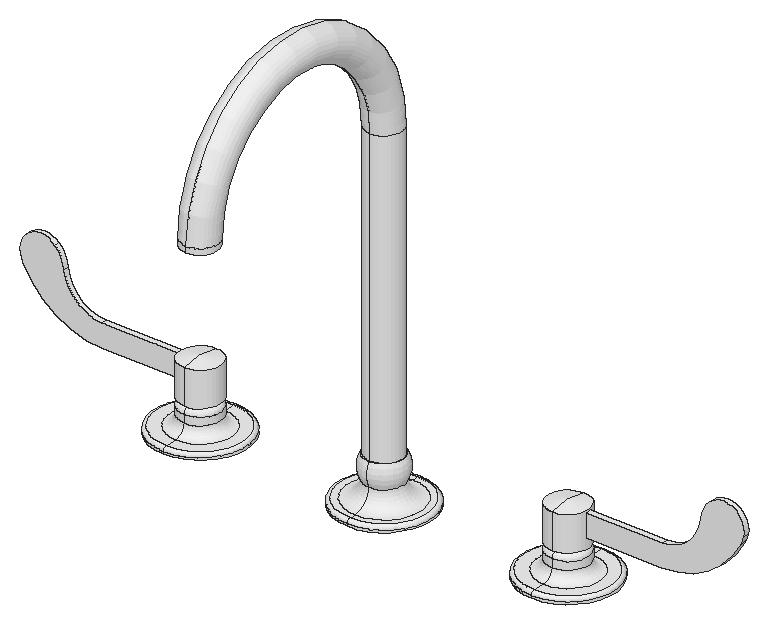
Revit family
Parameters (values of type "6540.180")
  Waste Connection = no
  Warranty Information = "Faucet Lifetime Function and Finish Limited Warranty"
  WFU = 2
  Vent Connection = no
  URL = "http://www.americanstandard-us.com"
  Type Comments = ""
  Product URL = "http://www.americanstandard-us.com/commercial-faucets/Monterrey-8-Widespread-Gooseneck-Faucet-1-5-gpm-Laminar-Flow-in-Spout-Base-5-Spout-Reach-4288/"
  Product Documentation Link = "http://www.americanstandard-us.com/assets/documents/amstd/spec/SpecSheet_4288.pdf"
  Price = "Prices may vary. Please consult Manufacturer Representative for most up-to-date price list."  # constant formula
  Phone # = "416-250-5656"
  Omniclass Table 23 Title = "Single Faucets"  # constant formula
  Omniclass Table 23 Code = "23.45.55.14"  # constant formula
  Model = "6540.180"
  Material = Cast Brass-American Standard-002-Polished Chrome
  Masterformat Title = "Residential Faucets, Supplies, and Trim"  # constant formula
  Masterformat Number = "22 41 39 "  # constant formula
  Manufacturer = "American Standard"
  Installation Type = "Deck Mounted"
  HWFU = 1.5
  HW Connection = yes
  Flow Rate = "1.5 Gpm (5.7 Lpm)"
  Designed By = "Allied Technical Services"  # constant formula
  Description = "American Standard Monterrey™ Two-Handle Centerset Lavatory Faucet with 1.5 gpm compensating Laminar Flow in Base of Spout, Rigid/swivel Gooseneck Spout with 8\" Reach and Vandal Resistant Wrist Blade Handles. Less Drain and pop-up hole."
  Creation Date = "11/6/14"  # constant formula
  Cost = 0
  CWFU = 1.5
  CW Connection = yes
  Assembly Code = "D2020"
  ATS URL = "www.atsspec.net"
Reference planes (in)
  plane 1: y = 0
  plane 2: z = 0
  plane 3: x = 0
  plane 4: y = -5
  plane 5: x = 7.875
  plane 6: x = -7.875
  plane 7: x = -4
  plane 8: x = -1
  plane 9: x = 1
  plane 10: x = 3
  plane 11: x = 4.98903
  plane 12: y = -1
  plane 13: z = 10.25
  plane 14: z = 7.25
Forms (in)
  Revolve 1, solid, material "Cast Brass-American Standard-002-Polished Chrome" <- "Material"
    sketch origin (0, -60, 0) x (0, 1, 0) y (0, 0, 1)
      loop
        line (59, 0) -> (60, 0) -> (60, 1.00021) -> (59.59367, 1.00021)
        arc (59.59367, 1.00021) -> (59.53117, 0.75057) -> (59.59367, 0.50093) r 0.52981
        arc (59.59367, 0.50093) -> (59.48409, 0.2353) -> (59.21867, 0.12521) r 0.375
        line (59.21867, 0.12521) -> (59.08069, 0.12521)
        arc (59.08069, 0.12521) -> (59.02363, 0.10158) -> (59, 0.04452) r 0.08069
        line (59, 0.04452) -> (59, 0)
      axis (60, 0) -> (60, 1.00021)
    angle from 0 to 360
  Sweep 2, solid, material "Cast Brass-American Standard-002-Polished Chrome" <- "Material"
    path origin (0, -60, -0.1274) x (0, 1, 0) y (0, 0, 1)
      loop
        line (59.99423, 0.50089) -> (59.99423, 7.50239)
        arc (59.99423, 7.50239) -> (57.49423, 10.00239) -> (54.99423, 7.50239) r 2.5
        line (54.99423, 7.50239) -> (54.99423, 7.38081)
    profile origin (0, -2.50577, 9.875) x (0, 0, -1) y (1, 0, 0)
      loop
        circle (0, 0) r 0.375
  Revolve 3, solid, material "Cast Brass-American Standard-002-Polished Chrome" <- "Material"
    sketch origin (-4, 0.00696, 0) x (0, 1, 0) y (0, 0, 1)
      loop
        line (-0.00696, 0) -> (-0.00696, 1.5)
        arc (-0.00696, 1.5) -> (-0.22314, 1.47599) -> (-0.43579, 1.43027) r 2.15082
        line (-0.43579, 1.43027) -> (-0.43579, 0.6847) -> (-0.25696, 0.6847) -> (-0.25696, 0.64542) -> (-0.31079, 0.64542)
        arc (-0.31079, 0.64542) -> (-0.39918, 0.60881) -> (-0.43579, 0.52042) r 0.125
        line (-0.43579, 0.52042) -> (-0.43579, 0.35375)
        arc (-0.43579, 0.35375) -> (-0.50279, 0.192) -> (-0.66454, 0.125) r 0.22875
        line (-0.66454, 0.125) -> (-0.9261, 0.125)
        arc (-0.9261, 0.125) -> (-0.97835, 0.10335) -> (-1, 0.0511) r 0.0739
        line (-1, 0.0511) -> (-1, 0) -> (-0.00696, 0)
      axis (-0.00696, 0) -> (-0.00696, 1.5)
    angle from 0 to 360
  Extrusion 4, solid, material "Cast Brass-American Standard-002-Polished Chrome" <- "Material"
    sketch origin (0, 0, 0) x (1, 0, 0) y (0, 0, 1)
      loop
        line (4.38195, 1.41177) -> (4.38195, 0.91177) -> (6.06605, 0.91177)
        arc (6.06605, 0.91177) -> (7.09149, 1.20387) -> (7.80909, 1.99248) r 1.94601
        arc (7.80909, 1.99248) -> (7.83956, 2.06481) -> (7.86082, 2.14037) r 0.63191
        arc (7.86082, 2.14037) -> (7.64005, 2.62422) -> (7.11324, 2.55114) r 0.44512
        arc (7.11324, 2.55114) -> (6.98285, 2.36876) -> (6.92158, 2.15309) r 0.65514
        arc (6.92158, 2.15309) -> (6.65215, 1.62441) -> (6.09817, 1.41177) r 0.82795
        line (6.09817, 1.41177) -> (4.38195, 1.41177)
    from -0.05437 to 0.04949
  Revolve 5, solid, material "Cast Brass-American Standard-002-Polished Chrome" <- "Material"
    sketch origin (4, 0.00696, 0) x (0, 1, 0) y (0, 0, -1)
      loop
        line (-0.00696, 0) -> (-1, 0) -> (-1, -0.0511)
        arc (-1, -0.0511) -> (-0.97835, -0.10335) -> (-0.9261, -0.125) r 0.0739
        line (-0.9261, -0.125) -> (-0.66454, -0.125)
        arc (-0.66454, -0.125) -> (-0.50279, -0.192) -> (-0.43579, -0.35375) r 0.22875
        line (-0.43579, -0.35375) -> (-0.43579, -0.52042)
        arc (-0.43579, -0.52042) -> (-0.39918, -0.60881) -> (-0.31079, -0.64542) r 0.125
        line (-0.31079, -0.64542) -> (-0.25696, -0.64542) -> (-0.25696, -0.6847) -> (-0.43579, -0.6847) -> (-0.43579, -1.43027)
        arc (-0.43579, -1.43027) -> (-0.22314, -1.47599) -> (-0.00696, -1.5) r 2.15082
        line (-0.00696, -1.5) -> (-0.00696, 0)
      axis (-0.00696, 0) -> (-0.00696, -1.5)
    angle from 0 to 360
  Extrusion 6, solid, material "Cast Brass-American Standard-002-Polished Chrome" <- "Material"
    sketch origin (0, 0, 0) x (-1, 0, 0) y (0, 0, -1)
      loop
        line (4.38195, -1.41177) -> (6.09817, -1.41177)
        arc (6.09817, -1.41177) -> (6.65215, -1.62441) -> (6.92158, -2.15309) r 0.82795
        arc (6.92158, -2.15309) -> (6.98285, -2.36876) -> (7.11324, -2.55114) r 0.65514
        arc (7.11324, -2.55114) -> (7.64005, -2.62422) -> (7.86082, -2.14037) r 0.44512
        arc (7.86082, -2.14037) -> (7.83956, -2.06481) -> (7.80909, -1.99248) r 0.63191
        arc (7.80909, -1.99248) -> (7.09149, -1.20387) -> (6.06605, -0.91177) r 1.94601
        line (6.06605, -0.91177) -> (4.38195, -0.91177) -> (4.38195, -1.41177)
    from -0.05437 to 0.04949
Cuts and joins
  joined: Revolve 1, Sweep 2
Dimensions and locks (in)
  plane 1 to plane 4 = 5"
  plane 6 to plane 5 = 15 3/4"
  plane 13 to level = 10 1/4"
